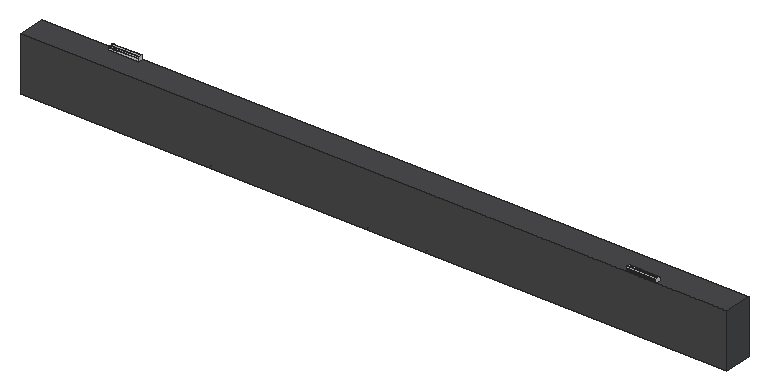
Revit family "DTM40U9.1.2415361535", category Luminarias, Revit 2019
Family settings
  Cota de conector redondo = Diámetro de uso
  Tipo de pieza = Normal
  Se basa en plano de trabajo = Sí
  Siempre vertical = Sí
  Corte con vacíos al cargar = No
  Origen de luz = Sí
  Compartido = No
  Punto de cálculo de habitación = No
Parameters (values of type "RECTANGULAR DWN RIEL_DTM40U9.1.36")
  Ángulo de inclinación = 60.00°
  Ángulo de enfoque = 36.00°
  Ángulo de campo de foco = 36.00°
  Zone [instance] = ""
  Watt per fixture = 42.9
  Wattage = 42.9 W
  built-in parameter 1150107 = 2700 (stored number, unit not read)
  built-in parameter 1150110 = 1 (stored number, unit not read)
  built-in parameter 1150109 = 1 (stored number, unit not read)
  built-in parameter 1150112 = 1 (stored number, unit not read)
  built-in parameter 1150113 = 1 (stored number, unit not read)
  built-in parameter 1114218 = 1 (stored number, unit not read)
  Keynote = ""
  built-in parameter 1150137 = (empty or 0)
  built-in parameter 1150132 = (empty or 0)
  Modelo = "DTM40U9.1.36"
  Lámpara = "3030SMD PHILIPS"
  Light Source Symbol Length = 3048 mm
  built-in parameter 1150105 = 11475.1 (stored number, unit not read)
  built-in parameter 1150102 = (empty or 0)
  built-in parameter 1150106 = 114.75 (stored number, unit not read)
  Lumens = 3432 lm
  Color Filter = 16777215
  built-in parameter 1114217 = 1 (stored number, unit not read)
  built-in parameter 1150139 = (empty or 0)
  Fabricante = "BRILLANT"
  Default Elevation = 1219.2 mm
  built-in parameter 1150104 = 7.4322 (stored number, unit not read)
  Descripción = "LUMINARIA DOWNLIGHT EN FORMATO RECTANGULAR COMPATIBLE CON RIEL DE 6 ENTRADAS Y 3 CIRCUITOS, CUERPO DE ALUMINIO ACABADO EN COLOR NEGRO, IP 20, PESO 1.98Kg, TIPO DE LED 3030SMD PHILIPS CON 42.9W TOTAL, 3100 LUMENES, 80LM/W, IRC 90, TEMPERATURA EN BLANCO CALIDO 2700K, 50 MIL HORAS DE VIDA PROMEDIO, APERTURA DE 36 GRADOS POR PROYECTO, ALIMENTADO A 90-240V"
  built-in parameter 1150115 = 1 (stored number, unit not read)
  built-in parameter 1150114 = 1 (stored number, unit not read)
  Comentarios de vataje = "90-240V"
  built-in parameter 1150138 = (empty or 0)
  built-in parameter 1150134 = (empty or 0)
  Circuit [instance] = ""
  Dimming Lamp Color Temperature Shift = (empty or 0)
  Longitud de símbolo de origen de luz = 3048 mm
Types (4, lengths in mm): name | Ángulo de enfoque | Ángulo de campo de foco | Modelo | Descripción
  RECTANGULAR DWN RIEL_DTM40U9.1.24 | 24.00° | 24.00° | "DTM40U9.1.24" | "LUMINARIA DOWNLIGHT EN FORMATO RECTANGULAR COMPATIBLE CON RIEL DE 6 ENTRADAS Y 3 CIRCUITOS, CUERPO DE ALUMINIO ACABADO EN COLOR NEGRO, IP 20, PESO 1.98Kg, TIPO DE LED 3030SMD PHILIPS CON 42.9W TOTAL, 3100 LUMENES, 80LM/W, IRC 90, TEMPERATURA EN BLANCO CALIDO 2700K, 50 MIL HORAS DE VIDA PROMEDIO, APERTURA DE 24 GRADOS POR STOCK, ALIMENTADO A 90-240V"
  RECTANGULAR DWN RIEL_DTM40U9.1.15 | 15.00° | 15.00° | "DTM40U9.1.15" | "LUMINARIA DOWNLIGHT EN FORMATO RECTANGULAR COMPATIBLE CON RIEL DE 6 ENTRADAS Y 3 CIRCUITOS, CUERPO DE ALUMINIO ACABADO EN COLOR NEGRO, IP 20, PESO 1.98Kg, TIPO DE LED 3030SMD PHILIPS CON 42.9W TOTAL, 3100 LUMENES, 80LM/W, IRC 90, TEMPERATURA EN BLANCO CALIDO 2700K, 50 MIL HORAS DE VIDA PROMEDIO, APERTURA DE 15 GRADOS POR PROYECTO, ALIMENTADO A 90-240V"
  RECTANGULAR DWN RIEL_DTM40U9.1.36 | 36.00° | 36.00° | "DTM40U9.1.36" | "LUMINARIA DOWNLIGHT EN FORMATO RECTANGULAR COMPATIBLE CON RIEL DE 6 ENTRADAS Y 3 CIRCUITOS, CUERPO DE ALUMINIO ACABADO EN COLOR NEGRO, IP 20, PESO 1.98Kg, TIPO DE LED 3030SMD PHILIPS CON 42.9W TOTAL, 3100 LUMENES, 80LM/W, IRC 90, TEMPERATURA EN BLANCO CALIDO 2700K, 50 MIL HORAS DE VIDA PROMEDIO, APERTURA DE 36 GRADOS POR PROYECTO, ALIMENTADO A 90-240V"
  RECTANGULAR DWN RIEL_DTM40U9.1.1535 | 35.00° | 15.00° | "DTM40U9.1.1535" | "LUMINARIA DOWNLIGHT EN FORMATO RECTANGULAR COMPATIBLE CON RIEL DE 6 ENTRADAS Y 3 CIRCUITOS, CUERPO DE ALUMINIO ACABADO EN COLOR NEGRO, IP 20, PESO 1.98Kg, TIPO DE LED 3030SMD PHILIPS CON 42.9W TOTAL, 3100 LUMENES, 80LM/W, IRC 90, TEMPERATURA EN BLANCO CALIDO 2700K, 50 MIL HORAS DE VIDA PROMEDIO, APERTURA ELIPTICA DE 15X35 GRADOS POR PROYECTO, ALIMENTADO A 90-240V"
Reference planes
  plane 1 "Centro (Frontal/Posterior)": y = 0
  plane 2: z = 0
  plane 3 "Centro (Izquierda/Derecha)": x = 0
Forms (mm)
  Extrusion 1, solid, material "Default Form"
    sketch origin (0, 0, 0) x (1, 0, 0) y (0, 0, 1)
      loop
        line (-473, 0) -> (-473, -72) -> (473, -72) -> (473, 0) -> (-473, 0)
    from -18.326 to 18.326
  Extrusion 2, solid
    sketch origin (-250, 0, 3.217) x (0, -1, 0) y (0, 0, 1)
      loop
        line (-12.149, -3.217) -> (-12.149, 0) -> (-12.935, 0) -> (-12.935, 1.637) -> (-13.796, 1.637) -> (-13.796, 0) -> (-14.582, 0) -> (-14.582, 0.811) -> (-15.443, 0.811) -> (-15.443, 0) -> (-16.233, 0) -> (-16.233, 2.691) -> (-17.279, 2.691) -> (-17.279, 0) -> (-18.061, 0) -> (-18.061, -0.861) -> (-17.162, -0.861) -> (-17.162, -2.042) -> (-18.326, -2.042) -> (-18.326, -3.217) -> (-12.149, -3.217)
    from 89.098 to 128.24
  Blend 3, void
    base sketch origin (-293.63, 0, 0) x (1, 0, 0) y (0, 1, 0)
      loop
        line (-162, 16.149) -> (-162, -16.149) -> (-144.14, -16.149) -> (-144.14, 16.149) -> (-162, 16.149)
    top sketch origin (-293.63, 0, 0) x (1, 0, 0) y (0, 1, 0)
      loop
        line (-160, 12.149) -> (-160, -12.149) -> (-146.14, -12.149) -> (-146.14, 12.149) -> (-160, 12.149)
    from -72 to -61.591
  Blend 4, void
    base sketch origin (-267.33, 0, 0) x (1, 0, 0) y (0, 1, 0)
      loop
        line (-162, 16.149) -> (-162, -16.149) -> (-144.14, -16.149) -> (-144.14, 16.149) -> (-162, 16.149)
    top sketch origin (-267.33, 0, 0) x (1, 0, 0) y (0, 1, 0)
      loop
        line (-160, 12.149) -> (-160, -12.149) -> (-146.14, -12.149) -> (-146.14, 12.149) -> (-160, 12.149)
    from -72 to -61.591
  Blend 5, void
    base sketch origin (-241.03, 0, 0) x (1, 0, 0) y (0, 1, 0)
      loop
        line (-162, 16.149) -> (-162, -16.149) -> (-144.14, -16.149) -> (-144.14, 16.149) -> (-162, 16.149)
    top sketch origin (-241.03, 0, 0) x (1, 0, 0) y (0, 1, 0)
      loop
        line (-160, 12.149) -> (-160, -12.149) -> (-146.14, -12.149) -> (-146.14, 12.149) -> (-160, 12.149)
    from -72 to -61.591
  Blend 6, void
    base sketch origin (-214.73, 0, 0) x (1, 0, 0) y (0, 1, 0)
      loop
        line (-162, 16.149) -> (-162, -16.149) -> (-144.14, -16.149) -> (-144.14, 16.149) -> (-162, 16.149)
    top sketch origin (-214.73, 0, 0) x (1, 0, 0) y (0, 1, 0)
      loop
        line (-160, 12.149) -> (-160, -12.149) -> (-146.14, -12.149) -> (-146.14, 12.149) -> (-160, 12.149)
    from -72 to -61.591
  Blend 7, void
    base sketch origin (-188.43, 0, 0) x (1, 0, 0) y (0, 1, 0)
      loop
        line (-162, 16.149) -> (-162, -16.149) -> (-144.14, -16.149) -> (-144.14, 16.149) -> (-162, 16.149)
    top sketch origin (-188.43, 0, 0) x (1, 0, 0) y (0, 1, 0)
      loop
        line (-160, 12.149) -> (-160, -12.149) -> (-146.14, -12.149) -> (-146.14, 12.149) -> (-160, 12.149)
    from -72 to -61.591
  Blend 8, void
    base sketch origin (-162.13, 0, 0) x (1, 0, 0) y (0, 1, 0)
      loop
        line (-162, 16.149) -> (-162, -16.149) -> (-144.14, -16.149) -> (-144.14, 16.149) -> (-162, 16.149)
    top sketch origin (-162.13, 0, 0) x (1, 0, 0) y (0, 1, 0)
      loop
        line (-160, 12.149) -> (-160, -12.149) -> (-146.14, -12.149) -> (-146.14, 12.149) -> (-160, 12.149)
    from -72 to -61.591
  Blend 9, void
    base sketch origin (-135.83, 0, 0) x (1, 0, 0) y (0, 1, 0)
      loop
        line (-162, 16.149) -> (-162, -16.149) -> (-144.14, -16.149) -> (-144.14, 16.149) -> (-162, 16.149)
    top sketch origin (-135.83, 0, 0) x (1, 0, 0) y (0, 1, 0)
      loop
        line (-160, 12.149) -> (-160, -12.149) -> (-146.14, -12.149) -> (-146.14, 12.149) -> (-160, 12.149)
    from -72 to -61.591
  Blend 10, void
    base sketch origin (-109.53, 0, 0) x (1, 0, 0) y (0, 1, 0)
      loop
        line (-162, 16.149) -> (-162, -16.149) -> (-144.14, -16.149) -> (-144.14, 16.149) -> (-162, 16.149)
    top sketch origin (-109.53, 0, 0) x (1, 0, 0) y (0, 1, 0)
      loop
        line (-160, 12.149) -> (-160, -12.149) -> (-146.14, -12.149) -> (-146.14, 12.149) -> (-160, 12.149)
    from -72 to -61.591
  Blend 11, void
    base sketch origin (-83.23, 0, 0) x (1, 0, 0) y (0, 1, 0)
      loop
        line (-162, 16.149) -> (-162, -16.149) -> (-144.14, -16.149) -> (-144.14, 16.149) -> (-162, 16.149)
    top sketch origin (-83.23, 0, 0) x (1, 0, 0) y (0, 1, 0)
      loop
        line (-160, 12.149) -> (-160, -12.149) -> (-146.14, -12.149) -> (-146.14, 12.149) -> (-160, 12.149)
    from -72 to -61.591
  Blend 12, void
    base sketch origin (-56.93, 0, 0) x (1, 0, 0) y (0, 1, 0)
      loop
        line (-162, 16.149) -> (-162, -16.149) -> (-144.14, -16.149) -> (-144.14, 16.149) -> (-162, 16.149)
    top sketch origin (-56.93, 0, 0) x (1, 0, 0) y (0, 1, 0)
      loop
        line (-160, 12.149) -> (-160, -12.149) -> (-146.14, -12.149) -> (-146.14, 12.149) -> (-160, 12.149)
    from -72 to -61.591
  Blend 13, void
    base sketch origin (-30.63, 0, 0) x (1, 0, 0) y (0, 1, 0)
      loop
        line (-162, 16.149) -> (-162, -16.149) -> (-144.14, -16.149) -> (-144.14, 16.149) -> (-162, 16.149)
    top sketch origin (-30.63, 0, 0) x (1, 0, 0) y (0, 1, 0)
      loop
        line (-160, 12.149) -> (-160, -12.149) -> (-146.14, -12.149) -> (-146.14, 12.149) -> (-160, 12.149)
    from -72 to -61.591
  Blend 14, void
    base sketch origin (-4.33, 0, 0) x (1, 0, 0) y (0, 1, 0)
      loop
        line (-162, 16.149) -> (-162, -16.149) -> (-144.14, -16.149) -> (-144.14, 16.149) -> (-162, 16.149)
    top sketch origin (-4.33, 0, 0) x (1, 0, 0) y (0, 1, 0)
      loop
        line (-160, 12.149) -> (-160, -12.149) -> (-146.14, -12.149) -> (-146.14, 12.149) -> (-160, 12.149)
    from -72 to -61.591
  Blend 15, void
    base sketch origin (21.97, 0, 0) x (1, 0, 0) y (0, 1, 0)
      loop
        line (-162, 16.149) -> (-162, -16.149) -> (-144.14, -16.149) -> (-144.14, 16.149) -> (-162, 16.149)
    top sketch origin (21.97, 0, 0) x (1, 0, 0) y (0, 1, 0)
      loop
        line (-160, 12.149) -> (-160, -12.149) -> (-146.14, -12.149) -> (-146.14, 12.149) -> (-160, 12.149)
    from -72 to -61.591
  Blend 16, void
    base sketch origin (48.27, 0, 0) x (1, 0, 0) y (0, 1, 0)
      loop
        line (-162, 16.149) -> (-162, -16.149) -> (-144.14, -16.149) -> (-144.14, 16.149) -> (-162, 16.149)
    top sketch origin (48.27, 0, 0) x (1, 0, 0) y (0, 1, 0)
      loop
        line (-160, 12.149) -> (-160, -12.149) -> (-146.14, -12.149) -> (-146.14, 12.149) -> (-160, 12.149)
    from -72 to -61.591
  Blend 17, void
    base sketch origin (74.57, 0, 0) x (1, 0, 0) y (0, 1, 0)
      loop
        line (-162, 16.149) -> (-162, -16.149) -> (-144.14, -16.149) -> (-144.14, 16.149) -> (-162, 16.149)
    top sketch origin (74.57, 0, 0) x (1, 0, 0) y (0, 1, 0)
      loop
        line (-160, 12.149) -> (-160, -12.149) -> (-146.14, -12.149) -> (-146.14, 12.149) -> (-160, 12.149)
    from -72 to -61.591
  Blend 18, void
    base sketch origin (100.87, 0, 0) x (1, 0, 0) y (0, 1, 0)
      loop
        line (-162, 16.149) -> (-162, -16.149) -> (-144.14, -16.149) -> (-144.14, 16.149) -> (-162, 16.149)
    top sketch origin (100.87, 0, 0) x (1, 0, 0) y (0, 1, 0)
      loop
        line (-160, 12.149) -> (-160, -12.149) -> (-146.14, -12.149) -> (-146.14, 12.149) -> (-160, 12.149)
    from -72 to -61.591
  Blend 19, void
    base sketch origin (127.17, 0, 0) x (1, 0, 0) y (0, 1, 0)
      loop
        line (-162, 16.149) -> (-162, -16.149) -> (-144.14, -16.149) -> (-144.14, 16.149) -> (-162, 16.149)
    top sketch origin (127.17, 0, 0) x (1, 0, 0) y (0, 1, 0)
      loop
        line (-160, 12.149) -> (-160, -12.149) -> (-146.14, -12.149) -> (-146.14, 12.149) -> (-160, 12.149)
    from -72 to -61.591
  Blend 20, void
    base sketch origin (153.47, 0, 0) x (1, 0, 0) y (0, 1, 0)
      loop
        line (-162, 16.149) -> (-162, -16.149) -> (-144.14, -16.149) -> (-144.14, 16.149) -> (-162, 16.149)
    top sketch origin (153.47, 0, 0) x (1, 0, 0) y (0, 1, 0)
      loop
        line (-160, 12.149) -> (-160, -12.149) -> (-146.14, -12.149) -> (-146.14, 12.149) -> (-160, 12.149)
    from -72 to -61.591
  Blend 21, void
    base sketch origin (179.77, 0, 0) x (1, 0, 0) y (0, 1, 0)
      loop
        line (-162, 16.149) -> (-162, -16.149) -> (-144.14, -16.149) -> (-144.14, 16.149) -> (-162, 16.149)
    top sketch origin (179.77, 0, 0) x (1, 0, 0) y (0, 1, 0)
      loop
        line (-160, 12.149) -> (-160, -12.149) -> (-146.14, -12.149) -> (-146.14, 12.149) -> (-160, 12.149)
    from -72 to -61.591
  Blend 22, void
    base sketch origin (206.07, 0, 0) x (1, 0, 0) y (0, 1, 0)
      loop
        line (-162, 16.149) -> (-162, -16.149) -> (-144.14, -16.149) -> (-144.14, 16.149) -> (-162, 16.149)
    top sketch origin (206.07, 0, 0) x (1, 0, 0) y (0, 1, 0)
      loop
        line (-160, 12.149) -> (-160, -12.149) -> (-146.14, -12.149) -> (-146.14, 12.149) -> (-160, 12.149)
    from -72 to -61.591
  Blend 23, void
    base sketch origin (232.37, 0, 0) x (1, 0, 0) y (0, 1, 0)
      loop
        line (-162, 16.149) -> (-162, -16.149) -> (-144.14, -16.149) -> (-144.14, 16.149) -> (-162, 16.149)
    top sketch origin (232.37, 0, 0) x (1, 0, 0) y (0, 1, 0)
      loop
        line (-160, 12.149) -> (-160, -12.149) -> (-146.14, -12.149) -> (-146.14, 12.149) -> (-160, 12.149)
    from -72 to -61.591
  Blend 24, void
    base sketch origin (258.67, 0, 0) x (1, 0, 0) y (0, 1, 0)
      loop
        line (-162, 16.149) -> (-162, -16.149) -> (-144.14, -16.149) -> (-144.14, 16.149) -> (-162, 16.149)
    top sketch origin (258.67, 0, 0) x (1, 0, 0) y (0, 1, 0)
      loop
        line (-160, 12.149) -> (-160, -12.149) -> (-146.14, -12.149) -> (-146.14, 12.149) -> (-160, 12.149)
    from -72 to -61.591
  Blend 25, void
    base sketch origin (284.97, 0, 0) x (1, 0, 0) y (0, 1, 0)
      loop
        line (-162, 16.149) -> (-162, -16.149) -> (-144.14, -16.149) -> (-144.14, 16.149) -> (-162, 16.149)
    top sketch origin (284.97, 0, 0) x (1, 0, 0) y (0, 1, 0)
      loop
        line (-160, 12.149) -> (-160, -12.149) -> (-146.14, -12.149) -> (-146.14, 12.149) -> (-160, 12.149)
    from -72 to -61.591
  Blend 26, void
    base sketch origin (311.27, 0, 0) x (1, 0, 0) y (0, 1, 0)
      loop
        line (-162, 16.149) -> (-162, -16.149) -> (-144.14, -16.149) -> (-144.14, 16.149) -> (-162, 16.149)
    top sketch origin (311.27, 0, 0) x (1, 0, 0) y (0, 1, 0)
      loop
        line (-160, 12.149) -> (-160, -12.149) -> (-146.14, -12.149) -> (-146.14, 12.149) -> (-160, 12.149)
    from -72 to -61.591
  Blend 27, void
    base sketch origin (337.57, 0, 0) x (1, 0, 0) y (0, 1, 0)
      loop
        line (-162, 16.149) -> (-162, -16.149) -> (-144.14, -16.149) -> (-144.14, 16.149) -> (-162, 16.149)
    top sketch origin (337.57, 0, 0) x (1, 0, 0) y (0, 1, 0)
      loop
        line (-160, 12.149) -> (-160, -12.149) -> (-146.14, -12.149) -> (-146.14, 12.149) -> (-160, 12.149)
    from -72 to -61.591
  Blend 28, void
    base sketch origin (363.87, 0, 0) x (1, 0, 0) y (0, 1, 0)
      loop
        line (-162, 16.149) -> (-162, -16.149) -> (-144.14, -16.149) -> (-144.14, 16.149) -> (-162, 16.149)
    top sketch origin (363.87, 0, 0) x (1, 0, 0) y (0, 1, 0)
      loop
        line (-160, 12.149) -> (-160, -12.149) -> (-146.14, -12.149) -> (-146.14, 12.149) -> (-160, 12.149)
    from -72 to -61.591
  Blend 29, void
    base sketch origin (390.17, 0, 0) x (1, 0, 0) y (0, 1, 0)
      loop
        line (-162, 16.149) -> (-162, -16.149) -> (-144.14, -16.149) -> (-144.14, 16.149) -> (-162, 16.149)
    top sketch origin (390.17, 0, 0) x (1, 0, 0) y (0, 1, 0)
      loop
        line (-160, 12.149) -> (-160, -12.149) -> (-146.14, -12.149) -> (-146.14, 12.149) -> (-160, 12.149)
    from -72 to -61.591
  Blend 30, void
    base sketch origin (416.47, 0, 0) x (1, 0, 0) y (0, 1, 0)
      loop
        line (-162, 16.149) -> (-162, -16.149) -> (-144.14, -16.149) -> (-144.14, 16.149) -> (-162, 16.149)
    top sketch origin (416.47, 0, 0) x (1, 0, 0) y (0, 1, 0)
      loop
        line (-160, 12.149) -> (-160, -12.149) -> (-146.14, -12.149) -> (-146.14, 12.149) -> (-160, 12.149)
    from -72 to -61.591
  Blend 31, void
    base sketch origin (442.77, 0, 0) x (1, 0, 0) y (0, 1, 0)
      loop
        line (-162, 16.149) -> (-162, -16.149) -> (-144.14, -16.149) -> (-144.14, 16.149) -> (-162, 16.149)
    top sketch origin (442.77, 0, 0) x (1, 0, 0) y (0, 1, 0)
      loop
        line (-160, 12.149) -> (-160, -12.149) -> (-146.14, -12.149) -> (-146.14, 12.149) -> (-160, 12.149)
    from -72 to -61.591
  Blend 32, void
    base sketch origin (469.07, 0, 0) x (1, 0, 0) y (0, 1, 0)
      loop
        line (-162, 16.149) -> (-162, -16.149) -> (-144.14, -16.149) -> (-144.14, 16.149) -> (-162, 16.149)
    top sketch origin (469.07, 0, 0) x (1, 0, 0) y (0, 1, 0)
      loop
        line (-160, 12.149) -> (-160, -12.149) -> (-146.14, -12.149) -> (-146.14, 12.149) -> (-160, 12.149)
    from -72 to -61.591
  Blend 33, void
    base sketch origin (495.37, 0, 0) x (1, 0, 0) y (0, 1, 0)
      loop
        line (-162, 16.149) -> (-162, -16.149) -> (-144.14, -16.149) -> (-144.14, 16.149) -> (-162, 16.149)
    top sketch origin (495.37, 0, 0) x (1, 0, 0) y (0, 1, 0)
      loop
        line (-160, 12.149) -> (-160, -12.149) -> (-146.14, -12.149) -> (-146.14, 12.149) -> (-160, 12.149)
    from -72 to -61.591
  Blend 34, void
    base sketch origin (521.67, 0, 0) x (1, 0, 0) y (0, 1, 0)
      loop
        line (-162, 16.149) -> (-162, -16.149) -> (-144.14, -16.149) -> (-144.14, 16.149) -> (-162, 16.149)
    top sketch origin (521.67, 0, 0) x (1, 0, 0) y (0, 1, 0)
      loop
        line (-160, 12.149) -> (-160, -12.149) -> (-146.14, -12.149) -> (-146.14, 12.149) -> (-160, 12.149)
    from -72 to -61.591
  Blend 35, void
    base sketch origin (547.97, 0, 0) x (1, 0, 0) y (0, 1, 0)
      loop
        line (-162, 16.149) -> (-162, -16.149) -> (-144.14, -16.149) -> (-144.14, 16.149) -> (-162, 16.149)
    top sketch origin (547.97, 0, 0) x (1, 0, 0) y (0, 1, 0)
      loop
        line (-160, 12.149) -> (-160, -12.149) -> (-146.14, -12.149) -> (-146.14, 12.149) -> (-160, 12.149)
    from -72 to -61.591
  Blend 36, void
    base sketch origin (574.27, 0, 0) x (1, 0, 0) y (0, 1, 0)
      loop
        line (-162, 16.149) -> (-162, -16.149) -> (-144.14, -16.149) -> (-144.14, 16.149) -> (-162, 16.149)
    top sketch origin (574.27, 0, 0) x (1, 0, 0) y (0, 1, 0)
      loop
        line (-160, 12.149) -> (-160, -12.149) -> (-146.14, -12.149) -> (-146.14, 12.149) -> (-160, 12.149)
    from -72 to -61.591
  Blend 37, void
    base sketch origin (600.57, 0, 0) x (1, 0, 0) y (0, 1, 0)
      loop
        line (-162, 16.149) -> (-162, -16.149) -> (-144.14, -16.149) -> (-144.14, 16.149) -> (-162, 16.149)
    top sketch origin (600.57, 0, 0) x (1, 0, 0) y (0, 1, 0)
      loop
        line (-160, 12.149) -> (-160, -12.149) -> (-146.14, -12.149) -> (-146.14, 12.149) -> (-160, 12.149)
    from -72 to -61.591
  Extrusion 38, solid
    sketch origin (250, 0, 3.217) x (0, 1, 0) y (0, 0, 1)
      loop
        line (-12.149, -3.217) -> (-12.149, 0) -> (-12.935, 0) -> (-12.935, 1.637) -> (-13.796, 1.637) -> (-13.796, 0) -> (-14.582, 0) -> (-14.582, 0.811) -> (-15.443, 0.811) -> (-15.443, 0) -> (-16.233, 0) -> (-16.233, 2.691) -> (-17.279, 2.691) -> (-17.279, 0) -> (-18.061, 0) -> (-18.061, -0.861) -> (-17.162, -0.861) -> (-17.162, -2.042) -> (-18.326, -2.042) -> (-18.326, -3.217) -> (-12.149, -3.217)
    from 89.098 to 128.24
Cuts and joins
  Blend 3, Blend 4, Blend 5, Blend 6, Blend 7, Blend 8, Blend 9, Blend 10, Blend 11, Blend 12, Blend 13, Blend 14, Blend 15, Blend 16, Blend 17, Blend 18, Blend 19, Blend 20, Blend 21, Blend 22, Blend 23, Blend 24, Blend 25, Blend 26, Blend 27, Blend 28, Blend 29, Blend 30, Blend 31, Blend 32, Blend 33, Blend 34, Blend 35, Blend 36, Blend 37 cuts Extrusion 1
Dimensions and locks
  equal spacing: Extrusion 1, plane 1 "Centro (Frontal/Posterior)", Extrusion 1
  Extrusion 1 to plane 1 "Centro (Frontal/Posterior)" = 18.326 mm
  Extrusion 1 to Extrusion 1 = 36.651 mm
  Extrusion 1 to Extrusion 1 = 72 mm
  Extrusion 1 to Extrusion 1 = 946 mm
  cut or joined group 1 (Extrusion 1, Blend 3, Blend 4, Blend 5, Blend 6, Blend 7, Blend 8, Blend 9, Blend 10, Blend 11, Blend 12, Blend 13, Blend 14, Blend 15, Blend 16, Blend 17, Blend 18, Blend 19, Blend 20, Blend 21, Blend 22, Blend 23, Blend 24, Blend 25, Blend 26, Blend 27, Blend 28, Blend 29, Blend 30, Blend 31, Blend 32, Blend 33, Blend 34, Blend 35, Blend 36, Blend 37) to cut or joined group 1 = 72 mm
  cut or joined group 1 to cut or joined group 1 = 36.651 mm
  cut or joined group 1 to cut or joined group 1 = 946 mm
  equal spacing: cut or joined group 1, plane 1 "Centro (Frontal/Posterior)", cut or joined group 1
  aligned and locked: level to plane 2
Automatic sketch dimensions
  Extrusion 1 sketch curve to level = 0 mm
  Extrusion 1 sketch curve to level = 72 mm
  Extrusion 1 sketch curve to plane 3 "Centro (Izquierda/Derecha)" = 473 mm
  plane 3 "Centro (Izquierda/Derecha)" to Extrusion 1 sketch curve = 473 mm
  Extrusion 2 sketch curve to level = 0 mm
  level to Extrusion 2 sketch curve = 1.175 mm
  Extrusion 2 sketch curve to plane 1 "Centro (Frontal/Posterior)" = 18.326 mm
  Extrusion 2 sketch curve to Extrusion 2 sketch curve = 0.265 mm
  Extrusion 2 sketch curve to Extrusion 2 sketch curve = 0.782 mm
  Extrusion 2 sketch curve to Extrusion 2 sketch curve = 1.164 mm
  Extrusion 2 sketch curve to Extrusion 2 sketch curve = 1.046 mm
  Extrusion 2 sketch curve to Extrusion 2 sketch curve = 0.789 mm
  Extrusion 2 sketch curve to Extrusion 2 sketch curve = 0.861 mm  (x3)
  Extrusion 2 sketch curve to Extrusion 2 sketch curve = 0.786 mm
  Extrusion 2 sketch curve to Extrusion 2 sketch curve = 0.785 mm
  Extrusion 2 sketch curve to Extrusion 2 sketch curve = 1.181 mm
  level to Extrusion 2 sketch curve = 3.217 mm
  Extrusion 2 sketch curve to Extrusion 2 sketch curve = 0 mm  (x2)
  Extrusion 2 sketch curve to Extrusion 2 sketch curve = 0.811 mm
  Extrusion 2 sketch curve to Extrusion 2 sketch curve = 0.826 mm
  Extrusion 2 sketch curve to Extrusion 2 sketch curve = 1.88 mm
  Blend 3 sketch curve to plane 1 "Centro (Frontal/Posterior)" = 16.149 mm
  Blend 3 sketch curve to plane 3 "Centro (Izquierda/Derecha)" = 455.63 mm
  Blend 3 sketch curve to Blend 3 sketch curve = 17.86 mm
  plane 1 "Centro (Frontal/Posterior)" to Blend 3 sketch curve = 16.149 mm
  Blend 3 sketch curve to plane 1 "Centro (Frontal/Posterior)" = 12.149 mm
  Blend 3 sketch curve to plane 3 "Centro (Izquierda/Derecha)" = 453.63 mm
  Blend 3 sketch curve to Blend 3 sketch curve = 13.86 mm
  plane 1 "Centro (Frontal/Posterior)" to Blend 3 sketch curve = 12.149 mm
  Blend 4 sketch curve to plane 1 "Centro (Frontal/Posterior)" = 16.149 mm
  Blend 4 sketch curve to plane 3 "Centro (Izquierda/Derecha)" = 429.33 mm
  Blend 4 sketch curve to Blend 4 sketch curve = 17.86 mm
  plane 1 "Centro (Frontal/Posterior)" to Blend 4 sketch curve = 16.149 mm
  Blend 4 sketch curve to plane 1 "Centro (Frontal/Posterior)" = 12.149 mm
  Blend 4 sketch curve to plane 3 "Centro (Izquierda/Derecha)" = 427.33 mm
  Blend 4 sketch curve to Blend 4 sketch curve = 13.86 mm
  plane 1 "Centro (Frontal/Posterior)" to Blend 4 sketch curve = 12.149 mm
  Blend 5 sketch curve to plane 1 "Centro (Frontal/Posterior)" = 16.149 mm
  Blend 5 sketch curve to plane 3 "Centro (Izquierda/Derecha)" = 403.03 mm
  Blend 5 sketch curve to Blend 5 sketch curve = 17.86 mm
  plane 1 "Centro (Frontal/Posterior)" to Blend 5 sketch curve = 16.149 mm
  Blend 5 sketch curve to plane 1 "Centro (Frontal/Posterior)" = 12.149 mm
  Blend 5 sketch curve to plane 3 "Centro (Izquierda/Derecha)" = 401.03 mm
  Blend 5 sketch curve to Blend 5 sketch curve = 13.86 mm
  plane 1 "Centro (Frontal/Posterior)" to Blend 5 sketch curve = 12.149 mm
  Blend 6 sketch curve to plane 1 "Centro (Frontal/Posterior)" = 16.149 mm
  Blend 6 sketch curve to plane 3 "Centro (Izquierda/Derecha)" = 376.73 mm
  Blend 6 sketch curve to Blend 6 sketch curve = 17.86 mm
  plane 1 "Centro (Frontal/Posterior)" to Blend 6 sketch curve = 16.149 mm
  Blend 6 sketch curve to plane 1 "Centro (Frontal/Posterior)" = 12.149 mm
  Blend 6 sketch curve to plane 3 "Centro (Izquierda/Derecha)" = 374.73 mm
  Blend 6 sketch curve to Blend 6 sketch curve = 13.86 mm
  plane 1 "Centro (Frontal/Posterior)" to Blend 6 sketch curve = 12.149 mm
  Blend 7 sketch curve to plane 1 "Centro (Frontal/Posterior)" = 16.149 mm
  Blend 7 sketch curve to plane 3 "Centro (Izquierda/Derecha)" = 350.43 mm
  Blend 7 sketch curve to Blend 7 sketch curve = 17.86 mm
  plane 1 "Centro (Frontal/Posterior)" to Blend 7 sketch curve = 16.149 mm
  Blend 7 sketch curve to plane 1 "Centro (Frontal/Posterior)" = 12.149 mm
  Blend 7 sketch curve to plane 3 "Centro (Izquierda/Derecha)" = 348.43 mm
  Blend 7 sketch curve to Blend 7 sketch curve = 13.86 mm
  plane 1 "Centro (Frontal/Posterior)" to Blend 7 sketch curve = 12.149 mm
  Blend 8 sketch curve to plane 1 "Centro (Frontal/Posterior)" = 16.149 mm
  Blend 8 sketch curve to plane 3 "Centro (Izquierda/Derecha)" = 324.13 mm
  Blend 8 sketch curve to Blend 8 sketch curve = 17.86 mm
  plane 1 "Centro (Frontal/Posterior)" to Blend 8 sketch curve = 16.149 mm
  Blend 8 sketch curve to plane 1 "Centro (Frontal/Posterior)" = 12.149 mm
  Blend 8 sketch curve to plane 3 "Centro (Izquierda/Derecha)" = 322.13 mm
  Blend 8 sketch curve to Blend 8 sketch curve = 13.86 mm
  plane 1 "Centro (Frontal/Posterior)" to Blend 8 sketch curve = 12.149 mm
  Blend 9 sketch curve to plane 1 "Centro (Frontal/Posterior)" = 16.149 mm
  Blend 9 sketch curve to plane 3 "Centro (Izquierda/Derecha)" = 297.83 mm
  Blend 9 sketch curve to Blend 9 sketch curve = 17.86 mm
  plane 1 "Centro (Frontal/Posterior)" to Blend 9 sketch curve = 16.149 mm
  Blend 9 sketch curve to plane 1 "Centro (Frontal/Posterior)" = 12.149 mm
  Blend 9 sketch curve to plane 3 "Centro (Izquierda/Derecha)" = 295.83 mm
  Blend 9 sketch curve to Blend 9 sketch curve = 13.86 mm
  plane 1 "Centro (Frontal/Posterior)" to Blend 9 sketch curve = 12.149 mm
  Blend 10 sketch curve to plane 1 "Centro (Frontal/Posterior)" = 16.149 mm
  Blend 10 sketch curve to plane 3 "Centro (Izquierda/Derecha)" = 271.53 mm
  Blend 10 sketch curve to Blend 10 sketch curve = 17.86 mm
  plane 1 "Centro (Frontal/Posterior)" to Blend 10 sketch curve = 16.149 mm
  Blend 10 sketch curve to plane 1 "Centro (Frontal/Posterior)" = 12.149 mm
  Blend 10 sketch curve to plane 3 "Centro (Izquierda/Derecha)" = 269.53 mm
  Blend 10 sketch curve to Blend 10 sketch curve = 13.86 mm
  plane 1 "Centro (Frontal/Posterior)" to Blend 10 sketch curve = 12.149 mm
  Blend 11 sketch curve to plane 1 "Centro (Frontal/Posterior)" = 16.149 mm
  Blend 11 sketch curve to plane 3 "Centro (Izquierda/Derecha)" = 245.23 mm
  Blend 11 sketch curve to Blend 11 sketch curve = 17.86 mm
  plane 1 "Centro (Frontal/Posterior)" to Blend 11 sketch curve = 16.149 mm
  Blend 11 sketch curve to plane 1 "Centro (Frontal/Posterior)" = 12.149 mm
  Blend 11 sketch curve to plane 3 "Centro (Izquierda/Derecha)" = 243.23 mm
  Blend 11 sketch curve to Blend 11 sketch curve = 13.86 mm
  plane 1 "Centro (Frontal/Posterior)" to Blend 11 sketch curve = 12.149 mm
  Blend 12 sketch curve to plane 1 "Centro (Frontal/Posterior)" = 16.149 mm
  Blend 12 sketch curve to plane 3 "Centro (Izquierda/Derecha)" = 218.93 mm
  Blend 12 sketch curve to Blend 12 sketch curve = 17.86 mm
  plane 1 "Centro (Frontal/Posterior)" to Blend 12 sketch curve = 16.149 mm
  Blend 12 sketch curve to plane 1 "Centro (Frontal/Posterior)" = 12.149 mm
  Blend 12 sketch curve to plane 3 "Centro (Izquierda/Derecha)" = 216.93 mm
  Blend 12 sketch curve to Blend 12 sketch curve = 13.86 mm
  plane 1 "Centro (Frontal/Posterior)" to Blend 12 sketch curve = 12.149 mm
  Blend 13 sketch curve to plane 1 "Centro (Frontal/Posterior)" = 16.149 mm
  Blend 13 sketch curve to plane 3 "Centro (Izquierda/Derecha)" = 192.63 mm
  Blend 13 sketch curve to Blend 13 sketch curve = 17.86 mm
  plane 1 "Centro (Frontal/Posterior)" to Blend 13 sketch curve = 16.149 mm
  Blend 13 sketch curve to plane 1 "Centro (Frontal/Posterior)" = 12.149 mm
  Blend 13 sketch curve to plane 3 "Centro (Izquierda/Derecha)" = 190.63 mm
  Blend 13 sketch curve to Blend 13 sketch curve = 13.86 mm
  plane 1 "Centro (Frontal/Posterior)" to Blend 13 sketch curve = 12.149 mm
  Blend 14 sketch curve to plane 1 "Centro (Frontal/Posterior)" = 16.149 mm
  Blend 14 sketch curve to plane 3 "Centro (Izquierda/Derecha)" = 166.33 mm
  Blend 14 sketch curve to Blend 14 sketch curve = 17.86 mm
  plane 1 "Centro (Frontal/Posterior)" to Blend 14 sketch curve = 16.149 mm
  Blend 14 sketch curve to plane 1 "Centro (Frontal/Posterior)" = 12.149 mm
  Blend 14 sketch curve to plane 3 "Centro (Izquierda/Derecha)" = 164.33 mm
  Blend 14 sketch curve to Blend 14 sketch curve = 13.86 mm
  plane 1 "Centro (Frontal/Posterior)" to Blend 14 sketch curve = 12.149 mm
  Blend 15 sketch curve to plane 1 "Centro (Frontal/Posterior)" = 16.149 mm
  Blend 15 sketch curve to plane 3 "Centro (Izquierda/Derecha)" = 140.03 mm
  Blend 15 sketch curve to Blend 15 sketch curve = 17.86 mm
  plane 1 "Centro (Frontal/Posterior)" to Blend 15 sketch curve = 16.149 mm
  Blend 15 sketch curve to plane 1 "Centro (Frontal/Posterior)" = 12.149 mm
  Blend 15 sketch curve to plane 3 "Centro (Izquierda/Derecha)" = 138.03 mm
  Blend 15 sketch curve to Blend 15 sketch curve = 13.86 mm
  plane 1 "Centro (Frontal/Posterior)" to Blend 15 sketch curve = 12.149 mm
  Blend 16 sketch curve to plane 1 "Centro (Frontal/Posterior)" = 16.149 mm
  Blend 16 sketch curve to plane 3 "Centro (Izquierda/Derecha)" = 113.73 mm
  Blend 16 sketch curve to Blend 16 sketch curve = 17.86 mm
  plane 1 "Centro (Frontal/Posterior)" to Blend 16 sketch curve = 16.149 mm
  Blend 16 sketch curve to plane 1 "Centro (Frontal/Posterior)" = 12.149 mm
  Blend 16 sketch curve to plane 3 "Centro (Izquierda/Derecha)" = 111.73 mm
  Blend 16 sketch curve to Blend 16 sketch curve = 13.86 mm
  plane 1 "Centro (Frontal/Posterior)" to Blend 16 sketch curve = 12.149 mm
  Blend 17 sketch curve to plane 1 "Centro (Frontal/Posterior)" = 16.149 mm
  Blend 17 sketch curve to plane 3 "Centro (Izquierda/Derecha)" = 87.43 mm
  Blend 17 sketch curve to Blend 17 sketch curve = 17.86 mm
  plane 1 "Centro (Frontal/Posterior)" to Blend 17 sketch curve = 16.149 mm
  Blend 17 sketch curve to plane 1 "Centro (Frontal/Posterior)" = 12.149 mm
  Blend 17 sketch curve to plane 3 "Centro (Izquierda/Derecha)" = 85.43 mm
  Blend 17 sketch curve to Blend 17 sketch curve = 13.86 mm
  plane 1 "Centro (Frontal/Posterior)" to Blend 17 sketch curve = 12.149 mm
  Blend 18 sketch curve to plane 1 "Centro (Frontal/Posterior)" = 16.149 mm
  Blend 18 sketch curve to plane 3 "Centro (Izquierda/Derecha)" = 61.13 mm
  Blend 18 sketch curve to Blend 18 sketch curve = 17.86 mm
  plane 1 "Centro (Frontal/Posterior)" to Blend 18 sketch curve = 16.149 mm
  Blend 18 sketch curve to plane 1 "Centro (Frontal/Posterior)" = 12.149 mm
  Blend 18 sketch curve to plane 3 "Centro (Izquierda/Derecha)" = 59.13 mm
  Blend 18 sketch curve to Blend 18 sketch curve = 13.86 mm
  plane 1 "Centro (Frontal/Posterior)" to Blend 18 sketch curve = 12.149 mm
  Blend 19 sketch curve to plane 1 "Centro (Frontal/Posterior)" = 16.149 mm
  Blend 19 sketch curve to plane 3 "Centro (Izquierda/Derecha)" = 34.83 mm
  Blend 19 sketch curve to plane 3 "Centro (Izquierda/Derecha)" = 16.97 mm
  plane 1 "Centro (Frontal/Posterior)" to Blend 19 sketch curve = 16.149 mm
  Blend 19 sketch curve to plane 1 "Centro (Frontal/Posterior)" = 12.149 mm
  Blend 19 sketch curve to plane 3 "Centro (Izquierda/Derecha)" = 32.83 mm
  Blend 19 sketch curve to Blend 19 sketch curve = 13.86 mm
  plane 1 "Centro (Frontal/Posterior)" to Blend 19 sketch curve = 12.149 mm
  Blend 20 sketch curve to plane 3 "Centro (Izquierda/Derecha)" = 8.53 mm
  plane 3 "Centro (Izquierda/Derecha)" to Blend 20 sketch curve = 9.33 mm
  plane 1 "Centro (Frontal/Posterior)" to Blend 20 sketch curve = 16.149 mm
  Blend 20 sketch curve to plane 1 "Centro (Frontal/Posterior)" = 16.149 mm
  Blend 20 sketch curve to plane 3 "Centro (Izquierda/Derecha)" = 6.53 mm
  plane 3 "Centro (Izquierda/Derecha)" to Blend 20 sketch curve = 7.33 mm
  plane 1 "Centro (Frontal/Posterior)" to Blend 20 sketch curve = 12.149 mm
  Blend 20 sketch curve to plane 1 "Centro (Frontal/Posterior)" = 12.149 mm
  plane 3 "Centro (Izquierda/Derecha)" to Blend 21 sketch curve = 17.77 mm
  Blend 21 sketch curve to Blend 21 sketch curve = 17.86 mm
  plane 1 "Centro (Frontal/Posterior)" to Blend 21 sketch curve = 16.149 mm
  Blend 21 sketch curve to plane 1 "Centro (Frontal/Posterior)" = 16.149 mm
  plane 3 "Centro (Izquierda/Derecha)" to Blend 21 sketch curve = 19.77 mm
  Blend 21 sketch curve to Blend 21 sketch curve = 13.86 mm
  plane 1 "Centro (Frontal/Posterior)" to Blend 21 sketch curve = 12.149 mm
  Blend 21 sketch curve to plane 1 "Centro (Frontal/Posterior)" = 12.149 mm
  Blend 22 sketch curve to plane 1 "Centro (Frontal/Posterior)" = 16.149 mm
  plane 3 "Centro (Izquierda/Derecha)" to Blend 22 sketch curve = 44.07 mm
  Blend 22 sketch curve to Blend 22 sketch curve = 17.86 mm
  plane 1 "Centro (Frontal/Posterior)" to Blend 22 sketch curve = 16.149 mm
  Blend 22 sketch curve to plane 1 "Centro (Frontal/Posterior)" = 12.149 mm
  plane 3 "Centro (Izquierda/Derecha)" to Blend 22 sketch curve = 46.07 mm
  Blend 22 sketch curve to Blend 22 sketch curve = 13.86 mm
  plane 1 "Centro (Frontal/Posterior)" to Blend 22 sketch curve = 12.149 mm
  Blend 23 sketch curve to plane 1 "Centro (Frontal/Posterior)" = 16.149 mm
  plane 3 "Centro (Izquierda/Derecha)" to Blend 23 sketch curve = 70.37 mm
  Blend 23 sketch curve to Blend 23 sketch curve = 17.86 mm
  plane 1 "Centro (Frontal/Posterior)" to Blend 23 sketch curve = 16.149 mm
  Blend 23 sketch curve to plane 1 "Centro (Frontal/Posterior)" = 12.149 mm
  plane 3 "Centro (Izquierda/Derecha)" to Blend 23 sketch curve = 72.37 mm
  Blend 23 sketch curve to Blend 23 sketch curve = 13.86 mm
  plane 1 "Centro (Frontal/Posterior)" to Blend 23 sketch curve = 12.149 mm
  Blend 24 sketch curve to plane 1 "Centro (Frontal/Posterior)" = 16.149 mm
  plane 3 "Centro (Izquierda/Derecha)" to Blend 24 sketch curve = 96.67 mm
  Blend 24 sketch curve to Blend 24 sketch curve = 17.86 mm
  plane 1 "Centro (Frontal/Posterior)" to Blend 24 sketch curve = 16.149 mm
  Blend 24 sketch curve to plane 1 "Centro (Frontal/Posterior)" = 12.149 mm
  plane 3 "Centro (Izquierda/Derecha)" to Blend 24 sketch curve = 98.67 mm
  Blend 24 sketch curve to Blend 24 sketch curve = 13.86 mm
  plane 1 "Centro (Frontal/Posterior)" to Blend 24 sketch curve = 12.149 mm
  Blend 25 sketch curve to plane 1 "Centro (Frontal/Posterior)" = 16.149 mm
  plane 3 "Centro (Izquierda/Derecha)" to Blend 25 sketch curve = 122.97 mm
  Blend 25 sketch curve to Blend 25 sketch curve = 17.86 mm
  plane 1 "Centro (Frontal/Posterior)" to Blend 25 sketch curve = 16.149 mm
  Blend 25 sketch curve to plane 1 "Centro (Frontal/Posterior)" = 12.149 mm
  plane 3 "Centro (Izquierda/Derecha)" to Blend 25 sketch curve = 124.97 mm
  Blend 25 sketch curve to Blend 25 sketch curve = 13.86 mm
  plane 1 "Centro (Frontal/Posterior)" to Blend 25 sketch curve = 12.149 mm
  Blend 26 sketch curve to plane 1 "Centro (Frontal/Posterior)" = 16.149 mm
  plane 3 "Centro (Izquierda/Derecha)" to Blend 26 sketch curve = 149.27 mm
  Blend 26 sketch curve to Blend 26 sketch curve = 17.86 mm
  plane 1 "Centro (Frontal/Posterior)" to Blend 26 sketch curve = 16.149 mm
  Blend 26 sketch curve to plane 1 "Centro (Frontal/Posterior)" = 12.149 mm
  plane 3 "Centro (Izquierda/Derecha)" to Blend 26 sketch curve = 151.27 mm
  Blend 26 sketch curve to Blend 26 sketch curve = 13.86 mm
  plane 1 "Centro (Frontal/Posterior)" to Blend 26 sketch curve = 12.149 mm
  Blend 27 sketch curve to plane 1 "Centro (Frontal/Posterior)" = 16.149 mm
  plane 3 "Centro (Izquierda/Derecha)" to Blend 27 sketch curve = 175.57 mm
  Blend 27 sketch curve to Blend 27 sketch curve = 17.86 mm
  plane 1 "Centro (Frontal/Posterior)" to Blend 27 sketch curve = 16.149 mm
  Blend 27 sketch curve to plane 1 "Centro (Frontal/Posterior)" = 12.149 mm
  plane 3 "Centro (Izquierda/Derecha)" to Blend 27 sketch curve = 177.57 mm
  Blend 27 sketch curve to Blend 27 sketch curve = 13.86 mm
  plane 1 "Centro (Frontal/Posterior)" to Blend 27 sketch curve = 12.149 mm
  Blend 28 sketch curve to plane 1 "Centro (Frontal/Posterior)" = 16.149 mm
  plane 3 "Centro (Izquierda/Derecha)" to Blend 28 sketch curve = 201.87 mm
  Blend 28 sketch curve to Blend 28 sketch curve = 17.86 mm
  plane 1 "Centro (Frontal/Posterior)" to Blend 28 sketch curve = 16.149 mm
  Blend 28 sketch curve to plane 1 "Centro (Frontal/Posterior)" = 12.149 mm
  plane 3 "Centro (Izquierda/Derecha)" to Blend 28 sketch curve = 203.87 mm
  Blend 28 sketch curve to Blend 28 sketch curve = 13.86 mm
  plane 1 "Centro (Frontal/Posterior)" to Blend 28 sketch curve = 12.149 mm
  Blend 29 sketch curve to plane 1 "Centro (Frontal/Posterior)" = 16.149 mm
  plane 3 "Centro (Izquierda/Derecha)" to Blend 29 sketch curve = 228.17 mm
  Blend 29 sketch curve to Blend 29 sketch curve = 17.86 mm
  plane 1 "Centro (Frontal/Posterior)" to Blend 29 sketch curve = 16.149 mm
  Blend 29 sketch curve to plane 1 "Centro (Frontal/Posterior)" = 12.149 mm
  plane 3 "Centro (Izquierda/Derecha)" to Blend 29 sketch curve = 230.17 mm
  Blend 29 sketch curve to Blend 29 sketch curve = 13.86 mm
  plane 1 "Centro (Frontal/Posterior)" to Blend 29 sketch curve = 12.149 mm
  Blend 30 sketch curve to plane 1 "Centro (Frontal/Posterior)" = 16.149 mm
  plane 3 "Centro (Izquierda/Derecha)" to Blend 30 sketch curve = 254.47 mm
  Blend 30 sketch curve to Blend 30 sketch curve = 17.86 mm
  plane 1 "Centro (Frontal/Posterior)" to Blend 30 sketch curve = 16.149 mm
  Blend 30 sketch curve to plane 1 "Centro (Frontal/Posterior)" = 12.149 mm
  plane 3 "Centro (Izquierda/Derecha)" to Blend 30 sketch curve = 256.47 mm
  Blend 30 sketch curve to Blend 30 sketch curve = 13.86 mm
  plane 1 "Centro (Frontal/Posterior)" to Blend 30 sketch curve = 12.149 mm
  Blend 31 sketch curve to plane 1 "Centro (Frontal/Posterior)" = 16.149 mm
  plane 3 "Centro (Izquierda/Derecha)" to Blend 31 sketch curve = 280.77 mm
  Blend 31 sketch curve to Blend 31 sketch curve = 17.86 mm
  plane 1 "Centro (Frontal/Posterior)" to Blend 31 sketch curve = 16.149 mm
  Blend 31 sketch curve to plane 1 "Centro (Frontal/Posterior)" = 12.149 mm
  plane 3 "Centro (Izquierda/Derecha)" to Blend 31 sketch curve = 282.77 mm
  Blend 31 sketch curve to Blend 31 sketch curve = 13.86 mm
  plane 1 "Centro (Frontal/Posterior)" to Blend 31 sketch curve = 12.149 mm
  Blend 32 sketch curve to plane 1 "Centro (Frontal/Posterior)" = 16.149 mm
  plane 3 "Centro (Izquierda/Derecha)" to Blend 32 sketch curve = 307.07 mm
  Blend 32 sketch curve to Blend 32 sketch curve = 17.86 mm
  plane 1 "Centro (Frontal/Posterior)" to Blend 32 sketch curve = 16.149 mm
  Blend 32 sketch curve to plane 1 "Centro (Frontal/Posterior)" = 12.149 mm
  plane 3 "Centro (Izquierda/Derecha)" to Blend 32 sketch curve = 309.07 mm
  Blend 32 sketch curve to Blend 32 sketch curve = 13.86 mm
  plane 1 "Centro (Frontal/Posterior)" to Blend 32 sketch curve = 12.149 mm
  Blend 33 sketch curve to plane 1 "Centro (Frontal/Posterior)" = 16.149 mm
  plane 3 "Centro (Izquierda/Derecha)" to Blend 33 sketch curve = 333.37 mm
  Blend 33 sketch curve to Blend 33 sketch curve = 17.86 mm
  plane 1 "Centro (Frontal/Posterior)" to Blend 33 sketch curve = 16.149 mm
  Blend 33 sketch curve to plane 1 "Centro (Frontal/Posterior)" = 12.149 mm
  plane 3 "Centro (Izquierda/Derecha)" to Blend 33 sketch curve = 335.37 mm
  Blend 33 sketch curve to Blend 33 sketch curve = 13.86 mm
  plane 1 "Centro (Frontal/Posterior)" to Blend 33 sketch curve = 12.149 mm
  Blend 34 sketch curve to plane 1 "Centro (Frontal/Posterior)" = 16.149 mm
  plane 3 "Centro (Izquierda/Derecha)" to Blend 34 sketch curve = 359.67 mm
  Blend 34 sketch curve to Blend 34 sketch curve = 17.86 mm
  plane 1 "Centro (Frontal/Posterior)" to Blend 34 sketch curve = 16.149 mm
  Blend 34 sketch curve to plane 1 "Centro (Frontal/Posterior)" = 12.149 mm
  plane 3 "Centro (Izquierda/Derecha)" to Blend 34 sketch curve = 361.67 mm
  Blend 34 sketch curve to Blend 34 sketch curve = 13.86 mm
  plane 1 "Centro (Frontal/Posterior)" to Blend 34 sketch curve = 12.149 mm
  Blend 35 sketch curve to plane 1 "Centro (Frontal/Posterior)" = 16.149 mm
  plane 3 "Centro (Izquierda/Derecha)" to Blend 35 sketch curve = 385.97 mm
  Blend 35 sketch curve to Blend 35 sketch curve = 17.86 mm
  plane 1 "Centro (Frontal/Posterior)" to Blend 35 sketch curve = 16.149 mm
  Blend 35 sketch curve to plane 1 "Centro (Frontal/Posterior)" = 12.149 mm
  plane 3 "Centro (Izquierda/Derecha)" to Blend 35 sketch curve = 387.97 mm
  Blend 35 sketch curve to Blend 35 sketch curve = 13.86 mm
  plane 1 "Centro (Frontal/Posterior)" to Blend 35 sketch curve = 12.149 mm
  Blend 36 sketch curve to plane 1 "Centro (Frontal/Posterior)" = 16.149 mm
  plane 3 "Centro (Izquierda/Derecha)" to Blend 36 sketch curve = 412.27 mm
  Blend 36 sketch curve to Blend 36 sketch curve = 17.86 mm
  plane 1 "Centro (Frontal/Posterior)" to Blend 36 sketch curve = 16.149 mm
  Blend 36 sketch curve to plane 1 "Centro (Frontal/Posterior)" = 12.149 mm
  plane 3 "Centro (Izquierda/Derecha)" to Blend 36 sketch curve = 414.27 mm
  Blend 36 sketch curve to Blend 36 sketch curve = 13.86 mm
  plane 1 "Centro (Frontal/Posterior)" to Blend 36 sketch curve = 12.149 mm
  Blend 37 sketch curve to plane 1 "Centro (Frontal/Posterior)" = 16.149 mm
  plane 3 "Centro (Izquierda/Derecha)" to Blend 37 sketch curve = 438.57 mm
  Blend 37 sketch curve to Blend 37 sketch curve = 17.86 mm
  plane 1 "Centro (Frontal/Posterior)" to Blend 37 sketch curve = 16.149 mm
  Blend 37 sketch curve to plane 1 "Centro (Frontal/Posterior)" = 12.149 mm
  plane 3 "Centro (Izquierda/Derecha)" to Blend 37 sketch curve = 440.57 mm
  Blend 37 sketch curve to Blend 37 sketch curve = 13.86 mm
  plane 1 "Centro (Frontal/Posterior)" to Blend 37 sketch curve = 12.149 mm
  Extrusion 38 sketch curve to level = 0 mm
  level to Extrusion 38 sketch curve = 1.175 mm
  plane 1 "Centro (Frontal/Posterior)" to Extrusion 38 sketch curve = 18.326 mm
  Extrusion 38 sketch curve to Extrusion 38 sketch curve = 0.265 mm
  Extrusion 38 sketch curve to Extrusion 38 sketch curve = 0.782 mm
  Extrusion 38 sketch curve to Extrusion 38 sketch curve = 1.164 mm
  Extrusion 38 sketch curve to Extrusion 38 sketch curve = 1.046 mm
  Extrusion 38 sketch curve to Extrusion 38 sketch curve = 0.789 mm
  Extrusion 38 sketch curve to Extrusion 38 sketch curve = 0.861 mm  (x3)
  Extrusion 38 sketch curve to Extrusion 38 sketch curve = 0.786 mm
  Extrusion 38 sketch curve to Extrusion 38 sketch curve = 0.785 mm
  Extrusion 38 sketch curve to Extrusion 38 sketch curve = 1.181 mm
  level to Extrusion 38 sketch curve = 3.217 mm
  Extrusion 38 sketch curve to Extrusion 38 sketch curve = 0 mm  (x2)
  Extrusion 38 sketch curve to Extrusion 38 sketch curve = 0.811 mm
  Extrusion 38 sketch curve to Extrusion 38 sketch curve = 0.826 mm
  Extrusion 38 sketch curve to Extrusion 38 sketch curve = 1.88 mm
Connectors
  electrical at (0, 0, 0)
    settings: on cut or joined group 1, index 1, voltage 240 V, apparent load 0 VA, apparent load phase1 0 VA, apparent load phase2 0 VA, apparent load phase3 0 VA, power factor 1, load classification "Otro", number of poles 1, system type 31, power factor state 1, is connector primary yes, connector utility no, sub classification motor no, connector description ""
